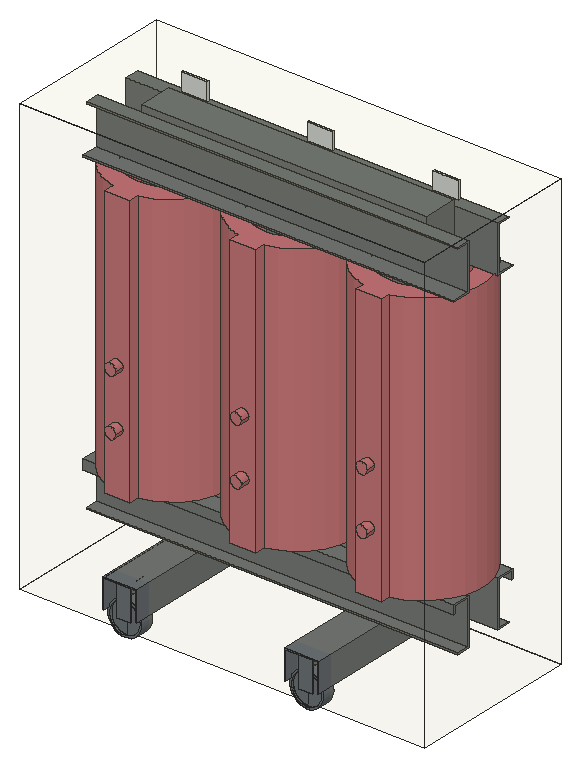
Revit family "Electrical_Transformers_Simens-AG_Geafol_Transformer", category Electrical Fixtures, Revit 2016 (continued)
Types (116, lengths in mm): name | Zyl_zzzzgesamt | Zyl_zzzz | Zyl_h | Zyl_d | Width mm | UK_Zyl | UK_U2 | U2_h | U1_h | UK_U | Sound power level dB | Rad1 | Rated voltage HV kV | Model | Mi_Zyl | Length mm | No-load loss P0 W | L | Short-circuit loss Pk120 W | Insulation level HV kV | Height mm | H | G | Fahrgestell_abstand | F | E | Cl_t2 | Cl_opera_t2 | Cl_opera_L2 | Cl_ab_c | Cl_ab_b | Cl_ab_a | Cl_L | Cl_H | CL_t1 | Apparent power kVA | Rated short circuit voltage % | B_halb | B_U_ab_halb | B
  Transformer  630kVA  4GX5844-3HY | 1370 | 747.5 | 747.5 | 496.667 | 835 | 387.5 | 1135 | 200 | 200 | 187.5 | "62" | 445 | 10 | "GEAFOL   630kVA  4GX5844-3HY" | 248.333 | 1560 | "1100" | 1560 | "7500" | "28/75" | 1370 | 1370 | 40 | 62.5 | 125 | 670 | 398.333 | 2696.667 | 2660 | 50 | 50 | 120 | 1660 | 1410 | 298.333 | 630 | "6" | 417.5 | 85 | 835
  Transformer  630kVA  4GX5864-3CY | 1405 | 782.5 | 782.5 | 493.333 | 855 | 387.5 | 1170 | 200 | 200 | 187.5 | "70" | 440 | 20 | "GEAFOL   630kVA  4GX5864-3CY" | 246.667 | 1550 | "2000" | 1550 | "6900" | "50/95" | 1405 | 1405 | 40 | 62.5 | 125 | 670 | 446.667 | 2793.333 | 2750 | 100 | 100 | 220 | 1750 | 1475 | 346.667 | 630 | "4" | 427.5 | 85 | 855
  Transformer  630kVA  4GX5864-3GY | 1570 | 907.5 | 907.5 | 483.333 | 845 | 407.5 | 1315 | 220 | 220 | 187.5 | "62" | 425 | 20 | "GEAFOL   630kVA  4GX5864-3GY" | 241.667 | 1520 | "1600" | 1520 | "6900" | "50/95" | 1570 | 1570 | 40 | 62.5 | 125 | 670 | 441.667 | 2783.333 | 2720 | 100 | 100 | 220 | 1720 | 1640 | 341.667 | 630 | "4" | 422.5 | 85 | 845
  Transformer  630kVA  4GX5864-3DY | 1370 | 747.5 | 747.5 | 506.667 | 865 | 387.5 | 1135 | 200 | 200 | 187.5 | "70" | 460 | 20 | "GEAFOL   630kVA  4GX5864-3DY" | 253.333 | 1590 | "1650" | 1590 | "6800" | "50/95" | 1370 | 1370 | 40 | 62.5 | 125 | 670 | 453.333 | 2806.667 | 2790 | 100 | 100 | 220 | 1790 | 1440 | 353.333 | 630 | "6" | 432.5 | 105 | 865
  Transformer  630kVA  4GX5864-3HY | 1400 | 777.5 | 777.5 | 526.667 | 880 | 387.5 | 1165 | 200 | 200 | 187.5 | "62" | 490 | 20 | "GEAFOL   630kVA  4GX5864-3HY" | 263.333 | 1650 | "1250" | 1650 | "6800" | "50/95" | 1400 | 1400 | 40 | 62.5 | 125 | 670 | 463.333 | 2826.667 | 2850 | 100 | 100 | 220 | 1850 | 1470 | 363.333 | 630 | "6" | 440 | 105 | 880
  Transformer  800kVA  4GX5944-3CY | 1520 | 857.5 | 857.5 | 483.333 | 820 | 407.5 | 1265 | 220 | 220 | 187.5 | "72" | 425 | 10 | "GEAFOL   800kVA  4GX5944-3CY" | 241.667 | 1520 | "1800" | 1520 | "7800" | "28/75" | 1520 | 1520 | 40 | 62.5 | 125 | 670 | 391.667 | 2683.333 | 2620 | 50 | 50 | 120 | 1620 | 1560 | 291.667 | 800 | "4" | 410 | 85 | 820
  Transformer  800kVA  4GX5944-3GY | 1540 | 877.5 | 877.5 | 493.333 | 830 | 407.5 | 1285 | 220 | 220 | 187.5 | "64" | 440 | 10 | "GEAFOL   800kVA  4GX5944-3GY" | 246.667 | 1550 | "1400" | 1550 | "7800" | "28/75" | 1540 | 1540 | 40 | 62.5 | 125 | 670 | 396.667 | 2693.333 | 2650 | 50 | 50 | 120 | 1650 | 1580 | 296.667 | 800 | "4" | 415 | 85 | 830
  Transformer  800kVA  4GX5944-3DY | 1345 | 682.5 | 682.5 | 513.333 | 845 | 407.5 | 1090 | 220 | 220 | 187.5 | "72" | 470 | 10 | "GEAFOL   800kVA  4GX5944-3DY" | 256.667 | 1610 | "1700" | 1610 | "8300" | "28/75" | 1345 | 1345 | 40 | 62.5 | 125 | 670 | 406.667 | 2713.333 | 2710 | 50 | 50 | 120 | 1710 | 1385 | 306.667 | 800 | "6" | 422.5 | 105 | 845
  Transformer  800kVA  4GX5944-3HY | 1370 | 707.5 | 707.5 | 523.333 | 855 | 407.5 | 1115 | 220 | 220 | 187.5 | "64" | 485 | 10 | "GEAFOL   800kVA  4GX5944-3HY" | 261.667 | 1640 | "1300" | 1640 | "8300" | "28/75" | 1370 | 1370 | 40 | 62.5 | 125 | 670 | 411.667 | 2723.333 | 2740 | 50 | 50 | 120 | 1740 | 1410 | 311.667 | 800 | "6" | 427.5 | 105 | 855
  Transformer  800kVA  4GX5964-3CY | 1615 | 892.5 | 892.5 | 493.333 | 855 | 437.5 | 1330 | 250 | 250 | 187.5 | "72" | 440 | 20 | "GEAFOL   800kVA  4GX5964-3CY" | 246.667 | 1550 | "2400" | 1550 | "8500" | "50/95" | 1615 | 1615 | 40 | 62.5 | 125 | 670 | 446.667 | 2793.333 | 2750 | 100 | 100 | 220 | 1750 | 1685 | 346.667 | 800 | "4" | 427.5 | 85 | 855
  Transformer  800kVA  4GX5964-3GY | 1605 | 882.5 | 882.5 | 503.333 | 860 | 437.5 | 1320 | 250 | 250 | 187.5 | "64" | 455 | 20 | "GEAFOL   800kVA  4GX5964-3GY" | 251.667 | 1580 | "1900" | 1580 | "8500" | "50/95" | 1605 | 1605 | 40 | 62.5 | 125 | 670 | 451.667 | 2803.333 | 2780 | 100 | 100 | 220 | 1780 | 1675 | 351.667 | 800 | "4" | 430 | 105 | 860
  Transformer  800kVA  4GX5964-3DY | 1445 | 782.5 | 782.5 | 526.667 | 875 | 407.5 | 1190 | 220 | 220 | 187.5 | "72" | 490 | 20 | "GEAFOL   800kVA  4GX5964-3DY" | 263.333 | 1650 | "1900" | 1650 | "8200" | "50/95" | 1445 | 1445 | 40 | 62.5 | 125 | 670 | 463.333 | 2826.667 | 2850 | 100 | 100 | 220 | 1850 | 1515 | 363.333 | 800 | "6" | 437.5 | 105 | 875
  Transformer  800kVA  4GX5964-3HY | 1450 | 787.5 | 787.5 | 533.333 | 885 | 407.5 | 1195 | 220 | 220 | 187.5 | "64" | 500 | 20 | "GEAFOL   800kVA  4GX5964-3HY" | 266.667 | 1670 | "1500" | 1670 | "8200" | "50/95" | 1450 | 1450 | 40 | 62.5 | 125 | 670 | 466.667 | 2833.333 | 2870 | 100 | 100 | 220 | 1870 | 1520 | 366.667 | 800 | "6" | 442.5 | 105 | 885
  Transformer 1000kVA  4GX6044-3CY | 1687.5 | 860 | 912.5 | 510 | 990 | 490 | 1402.5 | 250 | 250 | 240 | "73" | 390 | 10 | "GEAFOL  1000kVA  4GX6044-3CY" | 255 | 1600 | "2100" | 1600 | "10000" | "28/75" | 1635 | 1635 | 50 | 80 | 160 | 820 | 405 | 2710 | 2700 | 50 | 50 | 120 | 1700 | 1675 | 305 | 1000 | "4" | 495 | 105 | 990
  Transformer 1000kVA  4GX6044-3GY | 1745 | 970 | 970 | 523.333 | 990 | 490 | 1460 | 250 | 250 | 240 | "65" | 410 | 10 | "GEAFOL  1000kVA  4GX6044-3GY" | 261.667 | 1640 | "1600" | 1640 | "10000" | "28/75" | 1745 | 1745 | 50 | 80 | 160 | 820 | 411.667 | 2723.333 | 2740 | 50 | 50 | 120 | 1740 | 1785 | 311.667 | 1000 | "4" | 495 | 105 | 990
  Transformer 1000kVA  4GX6044-3DY | 1580 | 805 | 805 | 516.667 | 990 | 490 | 1295 | 250 | 250 | 240 | "73" | 400 | 10 | "GEAFOL  1000kVA  4GX6044-3DY" | 258.333 | 1620 | "2000" | 1620 | "9500" | "28/75" | 1580 | 1580 | 50 | 80 | 160 | 820 | 408.333 | 2716.667 | 2720 | 50 | 50 | 120 | 1720 | 1620 | 308.333 | 1000 | "6" | 495 | 105 | 990
  Transformer 1000kVA  4GX6044-3HY | 1560 | 785 | 785 | 530 | 990 | 490 | 1275 | 250 | 250 | 240 | "65" | 420 | 10 | "GEAFOL  1000kVA  4GX6044-3HY" | 265 | 1660 | "1500" | 1660 | "9500" | "28/75" | 1560 | 1560 | 50 | 80 | 160 | 820 | 415 | 2730 | 2760 | 50 | 50 | 120 | 1760 | 1600 | 315 | 1000 | "6" | 495 | 105 | 990
  Transformer 1000kVA  4GX6064-3CY | 1790 | 1015 | 1015 | 506.667 | 990 | 490 | 1505 | 250 | 250 | 240 | "73" | 385 | 20 | "GEAFOL  1000kVA  4GX6064-3CY" | 253.333 | 1590 | "2800" | 1590 | "9500" | "50/95" | 1790 | 1790 | 50 | 80 | 160 | 820 | 453.333 | 2806.667 | 2790 | 100 | 100 | 220 | 1790 | 1860 | 353.333 | 1000 | "4" | 495 | 105 | 990
  Transformer 1000kVA  4GX6064-3GY | 1810 | 1035 | 1035 | 520 | 990 | 490 | 1525 | 250 | 250 | 240 | "65" | 405 | 20 | "GEAFOL  1000kVA  4GX6064-3GY" | 260 | 1630 | "2300" | 1630 | "8700" | "50/95" | 1810 | 1810 | 50 | 80 | 160 | 820 | 460 | 2820 | 2830 | 100 | 100 | 220 | 1830 | 1880 | 360 | 1000 | "4" | 495 | 105 | 990
  Transformer 1000kVA  4GX6064-3DY | 1645 | 870 | 870 | 530 | 990 | 490 | 1360 | 250 | 250 | 240 | "73" | 420 | 20 | "GEAFOL  1000kVA  4GX6064-3DY" | 265 | 1660 | "2300" | 1660 | "9000" | "50/95" | 1645 | 1645 | 50 | 80 | 160 | 820 | 465 | 2830 | 2860 | 100 | 100 | 220 | 1860 | 1715 | 365 | 1000 | "6" | 495 | 105 | 990
  Transformer 1000kVA  4GX6064-3HY | 1680 | 905 | 905 | 543.333 | 990 | 490 | 1395 | 250 | 250 | 240 | "65" | 440 | 20 | "GEAFOL  1000kVA  4GX6064-3HY" | 271.667 | 1700 | "1800" | 1700 | "9000" | "50/95" | 1680 | 1680 | 50 | 80 | 160 | 820 | 471.667 | 2843.333 | 2900 | 100 | 100 | 220 | 1900 | 1750 | 371.667 | 1000 | "6" | 495 | 105 | 990
  Transformer 1250kVA  4GX6144-3DY | 1655 | 880 | 880 | 550 | 990 | 490 | 1370 | 250 | 250 | 240 | "78" | 450 | 10 | "GEAFOL  1250kVA  4GX6144-3DY" | 275 | 1720 | "2400" | 1720 | "11000" | "28/75" | 1655 | 1655 | 50 | 80 | 160 | 820 | 425 | 2750 | 2820 | 50 | 50 | 120 | 1820 | 1695 | 325 | 1250 | "6" | 495 | 105 | 990
  Transformer 1250kVA  4GX6144-3HY | 1715 | 940 | 940 | 570 | 990 | 490 | 1430 | 250 | 250 | 240 | "68" | 480 | 10 | "GEAFOL  1250kVA  4GX6144-3HY" | 285 | 1780 | "1800" | 1780 | "11000" | "28/75" | 1715 | 1715 | 50 | 80 | 160 | 820 | 435 | 2770 | 2880 | 50 | 50 | 120 | 1880 | 1755 | 335 | 1250 | "6" | 495 | 105 | 990
  Transformer 1250kVA  4GX6164-3DY | 1695 | 920 | 920 | 570 | 990 | 490 | 1410 | 250 | 250 | 240 | "78" | 480 | 20 | "GEAFOL  1250kVA  4GX6164-3DY" | 285 | 1780 | "2700" | 1780 | "11200" | "50/95" | 1695 | 1695 | 50 | 80 | 160 | 820 | 485 | 2870 | 2980 | 100 | 100 | 220 | 1980 | 1765 | 385 | 1250 | "6" | 495 | 105 | 990
  Transformer 1250kVA  4GX6164-3HY | 1710 | 935 | 935 | 576.667 | 990 | 490 | 1425 | 250 | 250 | 240 | "68" | 490 | 20 | "GEAFOL  1250kVA  4GX6164-3HY" | 288.333 | 1800 | "2100" | 1800 | "11200" | "50/95" | 1710 | 1710 | 50 | 80 | 160 | 820 | 488.333 | 2876.667 | 3000 | 100 | 100 | 220 | 2000 | 1780 | 388.333 | 1250 | "6" | 495 | 105 | 990
  Transformer 1600kVA  4GX6244-3DY | 1710 | 935 | 935 | 545 | 990 | 490 | 1425 | 250 | 250 | 240 | "76" | 442.5 | 10 | "GEAFOL  1600kVA  4GX6244-3DY" | 272.5 | 1705 | "2800" | 1705 | "13600" | "28/75" | 1710 | 1710 | 50 | 80 | 160 | 820 | 422.5 | 2745 | 2805 | 50 | 50 | 120 | 1805 | 1750 | 322.5 | 1600 | "6" | 495 | 105 | 990
  Transformer 1600kVA  4GX6244-3HY | 1730 | 955 | 955 | 558.333 | 990 | 490 | 1445 | 250 | 250 | 240 | "68" | 462.5 | 10 | "GEAFOL  1600kVA  4GX6244-3HY" | 279.167 | 1745 | "2100" | 1745 | "13600" | "28/75" | 1730 | 1730 | 50 | 80 | 160 | 820 | 429.167 | 2758.333 | 2845 | 50 | 50 | 120 | 1845 | 1770 | 329.167 | 1600 | "6" | 495 | 105 | 990
  Transformer 1600kVA  4GX6264-3DY | 1810 | 1035 | 1035 | 565 | 1010 | 490 | 1525 | 250 | 250 | 240 | "76" | 472.5 | 20 | "GEAFOL  1600kVA  4GX6264-3DY" | 282.5 | 1765 | "3100" | 1765 | "13200" | "50/95" | 1810 | 1810 | 50 | 80 | 160 | 820 | 482.5 | 2865 | 2965 | 100 | 100 | 220 | 1965 | 1880 | 382.5 | 1600 | "6" | 505 | 105 | 1010
  Transformer 1600kVA  4GX6264-3HY | 1860 | 1085 | 1085 | 576.667 | 1015 | 490 | 1575 | 250 | 250 | 240 | "68" | 490 | 20 | "GEAFOL  1600kVA  4GX6264-3HY" | 288.333 | 1800 | "2400" | 1800 | "13200" | "50/95" | 1860 | 1860 | 50 | 80 | 160 | 820 | 488.333 | 2876.667 | 3000 | 100 | 100 | 220 | 2000 | 1930 | 388.333 | 1600 | "6" | 507.5 | 105 | 1015
  Transformer 2000kVA  4GX6344-3DY | 1815 | 980 | 980 | 578.333 | 1280 | 550 | 1530 | 250 | 250 | 300 | "78" | 367.5 | 10 | "GEAFOL  2000kVA  4GX6344-3DY" | 289.167 | 1805 | "3500" | 1805 | "15500" | "28/75" | 1815 | 1815 | 70 | 100 | 200 | 1070 | 439.167 | 2778.333 | 2905 | 50 | 50 | 120 | 1905 | 1855 | 339.167 | 2000 | "6" | 640 | 105 | 1280
  Transformer 2000kVA  4GX6344-3HY | 1850 | 1015 | 1015 | 595 | 1280 | 550 | 1565 | 250 | 250 | 300 | "70" | 392.5 | 10 | "GEAFOL  2000kVA  4GX6344-3HY" | 297.5 | 1855 | "2600" | 1855 | "15500" | "28/75" | 1850 | 1850 | 70 | 100 | 200 | 1070 | 447.5 | 2795 | 2955 | 50 | 50 | 120 | 1955 | 1890 | 347.5 | 2000 | "6" | 640 | 105 | 1280
  Transformer 2000kVA  4GX6364-3DY | 2025 | 1140 | 1140 | 571.667 | 1280 | 575 | 1715 | 275 | 275 | 300 | "78" | 357.5 | 20 | "GEAFOL  2000kVA  4GX6364-3DY" | 285.833 | 1785 | "3900" | 1785 | "15800" | "50/95" | 2025 | 2025 | 70 | 100 | 200 | 1070 | 485.833 | 2871.667 | 2985 | 100 | 100 | 220 | 1985 | 2095 | 385.833 | 2000 | "6" | 640 | 105 | 1280
  Transformer 2000kVA  4GX6364-3HY | 2055 | 1170 | 1170 | 583.333 | 1280 | 575 | 1745 | 275 | 275 | 300 | "70" | 375 | 20 | "GEAFOL  2000kVA  4GX6364-3HY" | 291.667 | 1820 | "2900" | 1820 | "15800" | "50/95" | 2055 | 2055 | 70 | 100 | 200 | 1070 | 491.667 | 2883.333 | 3020 | 100 | 100 | 220 | 2020 | 2125 | 391.667 | 2000 | "6" | 640 | 105 | 1280
  Transformer 2500kVA  4GX6444-3DY | 2045 | 1160 | 1160 | 608.333 | 1280 | 575 | 1735 | 275 | 275 | 300 | "81" | 412.5 | 10 | "GEAFOL  2500kVA  4GX6444-3DY" | 304.167 | 1895 | "4300" | 1895 | "20000" | "28/75" | 2045 | 2045 | 70 | 100 | 200 | 1070 | 454.167 | 2808.333 | 2995 | 50 | 50 | 120 | 1995 | 2085 | 354.167 | 2500 | "6" | 640 | 105 | 1280
  Transformer 2500kVA  4GX6444-3HY | 2085 | 1200 | 1200 | 616.667 | 1280 | 575 | 1775 | 275 | 275 | 300 | "71" | 425 | 10 | "GEAFOL  2500kVA  4GX6444-3HY" | 308.333 | 1920 | "3000" | 1920 | "20000" | "28/75" | 2085 | 2085 | 70 | 100 | 200 | 1070 | 458.333 | 2816.667 | 3020 | 50 | 50 | 120 | 2020 | 2125 | 358.333 | 2500 | "6" | 640 | 105 | 1280
  Transformer 2500kVA  4GX6464-3DY | 2150 | 1265 | 1265 | 610 | 1280 | 575 | 1840 | 275 | 275 | 300 | "81" | 415 | 20 | "GEAFOL  2500kVA  4GX6464-3DY" | 305 | 1900 | "4400" | 1900 | "19000" | "50/95" | 2150 | 2150 | 70 | 100 | 200 | 1070 | 505 | 2910 | 3100 | 100 | 100 | 220 | 2100 | 2220 | 405 | 2500 | "6" | 640 | 105 | 1280
  Transformer 2500kVA  4GX6464-3HY | 2135 | 1250 | 1250 | 640 | 1280 | 575 | 1825 | 275 | 275 | 300 | "71" | 460 | 20 | "GEAFOL  2500kVA  4GX6464-3HY" | 320 | 1990 | "3500" | 1990 | "19000" | "50/95" | 2135 | 2135 | 70 | 100 | 200 | 1070 | 520 | 2940 | 3190 | 100 | 100 | 220 | 2190 | 2205 | 420 | 2500 | "6" | 640 | 105 | 1280
  Transformer  100kVA  4GX5044-3FY | 969.5 | 507.5 | 507 | 383.333 | 690 | 307.5 | 814.5 | 120 | 120 | 187.5 | "51" | 350 | 10 | "GEAFOL 100kVA 4GX5044-3FY" | 191.667 | 1220 | "280" | 1220 | "20150" | "28/75" | 970 | 970 | 40 | 62.5 | 125 | 520 | 341.667 | 2583.333 | 2320 | 50 | 50 | 120 | 1320 | 1010 | 241.667 | 100 | "4" | 345 | 85 | 690
  Transformer  100kVA  4GX5064-3FY | 1200 | 677.5 | 677.5 | 390 | 750 | 337.5 | 1015 | 150 | 150 | 187.5 | "51" | 360 | 20 | "GEAFOL 100kVA 4GX5064-3FY" | 195 | 1240 | "280" | 1240 | "2050" | "50/95" | 1200 | 1200 | 40 | 62.5 | 125 | 520 | 395 | 2690 | 2440 | 100 | 100 | 220 | 1440 | 1270 | 295 | 100 | "4" | 375 | 85 | 750
  Transformer  160kVA  4GX5244-3FY | 1099.5 | 637.5 | 637 | 390 | 695 | 307.5 | 944.5 | 120 | 120 | 187.5 | "54" | 360 | 10 | "GEAFOL 160kVA 4GX5244-3FY" | 195 | 1240 | "400" | 1240 | "290" | "28/75" | 1100 | 1100 | 40 | 62.5 | 125 | 520 | 345 | 2590 | 2340 | 50 | 50 | 120 | 1340 | 1140 | 245 | 160 | "4" | 347.5 | 85 | 695
  Transformer  160kVA  4GX5264-3FY | 1180 | 657.5 | 657.5 | 403.333 | 725 | 337.5 | 995 | 150 | 150 | 187.5 | "54" | 380 | 20 | "GEAFOL 160kVA 4GX5264-3FY" | 201.667 | 1280 | "400" | 1280 | "2900" | "50/95" | 1180 | 1180 | 40 | 62.5 | 125 | 520 | 401.667 | 2703.333 | 2480 | 100 | 100 | 220 | 1480 | 1250 | 301.667 | 160 | "4" | 362.5 | 85 | 725
  Transformer  250kVA  4GX5444-3FY | 1125 | 602.5 | 602.5 | 423.333 | 715 | 337.5 | 940 | 150 | 150 | 187.5 | "57" | 410 | 10 | "GEAFOL 250kVA 4GX5444-3FY" | 211.667 | 1340 | "520" | 1340 | "3800" | "28/75" | 1125 | 1125 | 40 | 62.5 | 125 | 520 | 361.667 | 2623.333 | 2440 | 50 | 50 | 120 | 1440 | 1165 | 261.667 | 250 | "4" | 357.5 | 85 | 715
  Transformer  250kVA  4GX5464-3FY | 1225 | 702.5 | 702.5 | 450 | 750 | 337.5 | 1040 | 150 | 150 | 187.5 | "57" | 450 | 20 | "GEAFOL 250kVA 4GX5464-3FY" | 225 | 1420 | "520" | 1420 | "3800" | "50/95" | 1225 | 1225 | 40 | 62.5 | 125 | 520 | 425 | 2750 | 2620 | 100 | 100 | 220 | 1620 | 1295 | 325 | 250 | "4" | 375 | 85 | 750
  Transformer  315kVA  4GX5544-3FY | 1115 | 592.5 | 592.5 | 440 | 820 | 337.5 | 930 | 150 | 150 | 187.5 | "59" | 360 | 10 | "GEAFOL 315kVA 4GX5544-3FY" | 220 | 1390 | "650" | 1390 | "4500" | "28/75" | 1115 | 1115 | 40 | 62.5 | 125 | 670 | 370 | 2640 | 2490 | 50 | 50 | 120 | 1490 | 1155 | 270 | 315 | "4" | 410 | 85 | 820
  Transformer  315kVA  4GX5564-3FY | 1215 | 692.5 | 692.5 | 473.333 | 840 | 337.5 | 1030 | 150 | 150 | 187.5 | "59" | 410 | 20 | "GEAFOL 315kVA 4GX5564-3FY" | 236.667 | 1490 | "650" | 1490 | "4500" | "50/95" | 1215 | 1215 | 40 | 62.5 | 125 | 670 | 436.667 | 2773.333 | 2690 | 100 | 100 | 220 | 1690 | 1285 | 336.667 | 315 | "4" | 420 | 85 | 840
  Transformer  400kVA  4GX5644-3FY | 1270 | 647.5 | 647.5 | 433.333 | 820 | 387.5 | 1035 | 200 | 200 | 187.5 | "60" | 350 | 10 | "GEAFOL 400kVA 4GX5644-3FY" | 216.667 | 1370 | "750" | 1370 | "5500" | "28/75" | 1270 | 1270 | 40 | 62.5 | 125 | 670 | 366.667 | 2633.333 | 2470 | 50 | 50 | 120 | 1470 | 1310 | 266.667 | 400 | "4" | 410 | 85 | 820
  Transformer  400kVA  4GX5664-3FY | 1355 | 732.5 | 732.5 | 460 | 835 | 387.5 | 1120 | 200 | 200 | 187.5 | "60" | 390 | 20 | "GEAFOL 400kVA 4GX5664-3FY" | 230 | 1450 | "750" | 1450 | "5500" | "50/95" | 1355 | 1355 | 40 | 62.5 | 125 | 670 | 430 | 2760 | 2650 | 100 | 100 | 220 | 1650 | 1425 | 330 | 400 | "4" | 417.5 | 85 | 835
  Transformer  500kVA  4GX5744-3FY | 1270 | 647.5 | 647.5 | 453.333 | 820 | 387.5 | 1035 | 200 | 200 | 187.5 | "61" | 380 | 10 | "GEAFOL 500kVA 4GX5744-3FY" | 226.667 | 1430 | "900" | 1430 | "6400" | "28/75" | 1270 | 1270 | 40 | 62.5 | 125 | 670 | 376.667 | 2653.333 | 2530 | 50 | 50 | 120 | 1530 | 1310 | 276.667 | 500 | "4" | 410 | 85 | 820
  Transformer  500kVA  4GX5764-3FY | 1390 | 767.5 | 767.5 | 483.333 | 845 | 387.5 | 1155 | 200 | 200 | 187.5 | "61" | 425 | 20 | "GEAFOL 500kVA 4GX5764-3FY" | 241.667 | 1520 | "900" | 1520 | "6400" | "50/95" | 1390 | 1390 | 40 | 62.5 | 125 | 670 | 441.667 | 2783.333 | 2720 | 100 | 100 | 220 | 1720 | 1460 | 341.667 | 500 | "4" | 422.5 | 85 | 845
  Transformer  630kVA  4GX5844-3EY | 1485 | 822.5 | 822.5 | 490 | 840 | 407.5 | 1230 | 220 | 220 | 187.5 | "62" | 435 | 10 | "GEAFOL 630kVA 4GX5844-3EY" | 245 | 1540 | "1100" | 1540 | "7600" | "28/75" | 1485 | 1485 | 40 | 62.5 | 125 | 670 | 395 | 2690 | 2640 | 50 | 50 | 120 | 1640 | 1525 | 295 | 630 | "6" | 420 | 85 | 840
  Transformer  630kVA  4GX5864-3EY | 1505 | 842.5 | 842.5 | 490 | 870 | 407.5 | 1250 | 220 | 220 | 187.5 | "64" | 435 | 20 | "GEAFOL 630kVA 4GX5864-3EY" | 245 | 1540 | "1100" | 1540 | "7600" | "50/95" | 1505 | 1505 | 40 | 62.5 | 125 | 670 | 445 | 2790 | 2740 | 100 | 100 | 220 | 1740 | 1575 | 345 | 800 | "6" | 435 | 85 | 870
  Transformer  800kVA  4GX5944-3EY | 1505 | 842.5 | 842.5 | 510 | 860 | 407.5 | 1250 | 220 | 220 | 187.5 | "64" | 465 | 10 | "GEAFOL 800kVA 4GX5944-3EY" | 255 | 1600 | "1300" | 1600 | "8000" | "28/75" | 1505 | 1505 | 40 | 62.5 | 125 | 670 | 405 | 2710 | 2700 | 50 | 50 | 120 | 1700 | 1545 | 305 | 800 | "6" | 430 | 105 | 860
  Transformer  800kVA  4GX5964-3EY | 1595 | 872.5 | 872.5 | 536.667 | 900 | 437.5 | 1310 | 250 | 250 | 187.5 | "64" | 505 | 20 | "GEAFOL 800kVA 4GX5964-3EY" | 268.333 | 1680 | "1300" | 1680 | "8000" | "50/95" | 1595 | 1595 | 40 | 62.5 | 125 | 670 | 468.333 | 2836.667 | 2880 | 100 | 100 | 220 | 1880 | 1665 | 368.333 | 800 | "6" | 450 | 105 | 900
  Transformer 1000kVA  4GX6044-3EY | 1575 | 800 | 800 | 523.333 | 990 | 490 | 1290 | 250 | 250 | 240 | "65" | 410 | 10 | "GEAFOL 1000kVA 4GX6044-3EY" | 261.667 | 1640 | "1550" | 1640 | "9000" | "28/75" | 1575 | 1575 | 50 | 80 | 160 | 820 | 411.667 | 2723.333 | 2740 | 50 | 50 | 120 | 1740 | 1615 | 311.667 | 1000 | "6" | 495 | 105 | 990
  Transformer 1000kVA  4GX6064-3EY | 1635 | 860 | 860 | 540 | 990 | 490 | 1350 | 250 | 250 | 240 | "65" | 435 | 10 | "GEAFOL 1000kVA 4GX6064-3EY" | 270 | 1690 | "1550" | 1690 | "9000" | "50/59" | 1635 | 1635 | 50 | 80 | 160 | 820 | 420 | 2740 | 2790 | 50 | 50 | 120 | 1790 | 1675 | 320 | 1000 | "6" | 495 | 105 | 990
  Transformer 1250kVA  4GX6144-3EY | 1695 | 920 | 920 | 556.667 | 990 | 490 | 1410 | 250 | 250 | 240 | "67" | 460 | 10 | "GEAFOL 1250kVA 4GX6144-3EY" | 278.333 | 1740 | "1800" | 1740 | "11000" | "28/75" | 1695 | 1695 | 50 | 80 | 160 | 820 | 428.333 | 2756.667 | 2840 | 50 | 50 | 120 | 1840 | 1735 | 328.333 | 1250 | "6" | 495 | 105 | 990
  Transformer 1250kVA  4GX6164-3EY | 1735 | 960 | 960 | 563.333 | 995 | 490 | 1450 | 250 | 250 | 240 | "67" | 470 | 20 | "GEAFOL 1250kVA 4GX6164-3EY" | 281.667 | 1760 | "1800" | 1760 | "11000" | "50/95" | 1735 | 1735 | 50 | 80 | 160 | 820 | 481.667 | 2863.333 | 2960 | 100 | 100 | 220 | 1960 | 1805 | 381.667 | 1250 | "6" | 497.5 | 105 | 995
  Transformer 1600kVA  4GX6244-3EY | 1845 | 1070 | 1070 | 541.667 | 990 | 490 | 1560 | 250 | 250 | 240 | "68" | 437.5 | 10 | "GEAFOL 1600kVA 4GX6244-3EY" | 270.833 | 1695 | "2200" | 1695 | "13000" | "28/75" | 1845 | 1845 | 50 | 80 | 160 | 820 | 420.833 | 2741.667 | 2795 | 50 | 50 | 120 | 1795 | 1885 | 320.833 | 1600 | "6" | 495 | 105 | 990
  Transformer 1600kVA  4GX6264-3EY | 1895 | 1070 | 1070 | 561.667 | 1005 | 515 | 1585 | 275 | 275 | 240 | "68" | 467.5 | 20 | "GEAFOL 1600kVA 4GX6264-3EY" | 280.833 | 1755 | "2200" | 1755 | "13000" | "50/95" | 1895 | 1895 | 50 | 80 | 160 | 820 | 480.833 | 2861.667 | 2955 | 100 | 100 | 220 | 1955 | 1965 | 380.833 | 1600 | "6" | 502.5 | 105 | 1005
  Transformer 2000kVA  4GX6344-3EY | 1885 | 1000 | 1000 | 600 | 1280 | 575 | 1575 | 275 | 275 | 300 | "70" | 400 | 10 | "GEAFOL 2000kVA 4GX6344-3EY" | 300 | 1870 | "2600" | 1870 | "16000" | "28/75" | 1885 | 1885 | 70 | 100 | 200 | 1070 | 450 | 2800 | 2970 | 50 | 50 | 120 | 1970 | 1925 | 350 | 2000 | "6" | 640 | 105 | 1280
  Transformer 2000kVA  4GX6364-3EY | 1975 | 1090 | 1090 | 620 | 1280 | 575 | 1665 | 275 | 275 | 300 | "70" | 430 | 20 | "GEAFOL 2000kVA 4GX6364-3EY" | 310 | 1930 | "2600" | 1930 | "16000" | "50/59" | 1975 | 1975 | 70 | 100 | 200 | 1070 | 510 | 2920 | 3130 | 100 | 100 | 220 | 2130 | 2045 | 410 | 2000 | "6" | 640 | 105 | 1280
  Transformer 2500kVA  4GX6444-3EY | 2125 | 1240 | 1240 | 643.333 | 1280 | 575 | 1815 | 275 | 275 | 300 | "71" | 465 | 10 | "GEAFOL 2500kVA 4GX6444-3EY" | 321.667 | 2000 | "3100" | 2000 | "19000" | "28/75" | 2125 | 2125 | 70 | 100 | 200 | 1070 | 471.667 | 2843.333 | 3100 | 50 | 50 | 120 | 2100 | 2165 | 371.667 | 2500 | "6" | 640 | 105 | 1280
  Transformer 2500kVA  4GX6464-3EY | 2175 | 1290 | 1290 | 658.333 | 1280 | 575 | 1865 | 275 | 275 | 300 | "71" | 487.5 | 20 | "GEAFOL 2500kVA 4GX6464-3EY" | 329.167 | 2045 | "3100" | 2045 | "19000" | "50/95" | 2175 | 2175 | 70 | 100 | 200 | 1070 | 529.167 | 2958.333 | 3245 | 100 | 100 | 220 | 2245 | 2245 | 429.167 | 2500 | "6" | 640 | 105 | 1280
  Transformer 3150kVA  4GX6544-3EY | 2435 | 1550 | 1550 | 690 | 1280 | 575 | 2125 | 275 | 275 | 300 | "74" | 535 | 10 | "GEAFOL 3150kVA 4GX6544-3EY" | 345 | 2140 | "3800" | 2140 | "22000" | "28/75" | 2435 | 2435 | 70 | 100 | 200 | 1070 | 495 | 2890 | 3240 | 50 | 50 | 120 | 2240 | 2475 | 395 | 3150 | "6" | 640 | 105 | 1280
  Transformer 3150kVA  4GX6564-3EY | 2480 | 1605 | 1595 | 705 | 1280 | 575 | 2170 | 275 | 275 | 300 | "74" | 557.5 | 20 | "GEAFOL 3150kVA 4GX6564-3EY" | 352.5 | 2185 | "3800" | 2185 | "22000" | "50/59" | 2490 | 2490 | 70 | 100 | 200 | 1070 | 552.5 | 3005 | 3385 | 100 | 100 | 220 | 2385 | 2560 | 452.5 | 3150 | "6" | 640 | 105 | 1280
